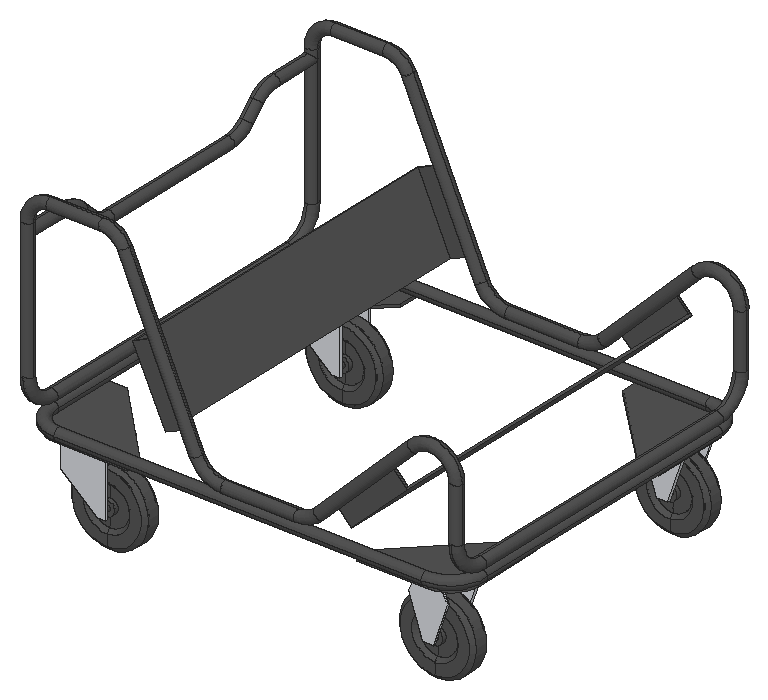
Revit family "Haworth_Very_Cart_Wire", category Furniture, Revit 2018
Family settings
  OmniClass Number = 23.40.70.14.64.21
  OmniClass Title = Systems Furniture
  Work Plane-Based = No
  Always vertical = Yes
  Cut with Voids When Loaded = No
  Shared = No
  Room Calculation Point = No
Parameters (values of type "Cart")
  Warranty = "http://www.haworth.com/resources/product-info/warranties"
  URL - Product = "http://www.haworth.com/products/seating/visitor-and-conference-chairs/very-side"
  URL = "www.haworth.com"
  Tube Radius = 3/8"  # constant formula
  Sustainability Info = "http://www.haworth.com/company-info/sustainablility"
  Size = "Verify Final Dim. w/ Haworth"  # constant formula
  Revision Number = "2"  # constant formula
  Model = "Haworth - Chair - Very"  # constant formula
  Manufacturer = "Haworth"  # constant formula
  Description = "Cart - Wire"  # constant formula
  Cart Finish = Haworth _ Polymer _ Black
  Author = "Haworth (Hampton)"  # constant formula
  Assembly Code = "E2020200"
  Actual Width = 28 1/2"  # constant formula
  Actual Height = 20 1/4"  # constant formula
  Actual Depth = 23 3/4"  # constant formula
Reference planes (in)
  plane 1 "Storage Top Center F/B": y = 0
  plane 2: z = 0
  plane 3 "Storage Top Center L/R": x = 0.75
  plane 4 "Top": z = 20.25
  plane 5 "Bottom Tube": z = 6.6793
  plane 6: y = 11.875
  plane 7: y = -11.875
  plane 8 "Left": x = -13.5
  plane 9 "Right": x = 15
  plane 10 "Inside Front": y = -11.5
  plane 11 "Inside Back": y = 11.5
  plane 12 "Inside Left": x = -13.125
  plane 13 "Inside Right": x = 14.625
  plane 14: y = -9.48504
  plane 15 "Leg Support": through (15.94706, -180, 6.96016) normal (-0.9659, 0, -0.2588)
  plane 16 "Top Tube Bottom": z = 7.4293
  plane 17 "Left Angel": through (-7.21535, -180, 18.84255) normal (0.9107, 0, 0.4131)
  plane 18 "Right Angel": through (6.05974, -180, 7.74992) normal (-0.7071, 0, 0.7071)
  plane 19 "Plate Top": z = 6.3043
  plane 20 "Plate Bottom": z = 6.125
  plane 21: y = -10.57854
  plane 22 "c1": y = -10.70354
  plane 23 "C4": y = -8.39154
  plane 24 "C5": y = -8.26654
  plane 25 "C8": y = 9.48504
  plane 26 "C9": y = 10.57854
  plane 27 "C10": y = 10.70354
  plane 28 "C7": y = 8.39154
  plane 29 "C6": y = 8.26654
  plane 30 "C2": y = -10.45354
  plane 31 "C3": y = -8.51654
  plane 32 "Caster Right": x = 12.13012
  plane 33 "Caster Left": x = -9.1
Forms (in)
  Sweep 1, solid, material "Haworth _ Polymer _ Black" <- "Cart Finish"
    path origin (0, 0, 0) x (1, 0, 0) y (0, 1, 0)
      loop
        arc (-11.125, 11.5) -> (-12.53921, 10.91421) -> (-13.125, 9.5) r 2
        line (-13.125, 9.5) -> (-13.125, -9.5)
        arc (-13.125, -9.5) -> (-12.53921, -10.91421) -> (-11.125, -11.5) r 2
        line (-11.125, -11.5) -> (12.625, -11.5)
        arc (12.625, -11.5) -> (14.03921, -10.91421) -> (14.625, -9.5) r 2
        line (14.625, -9.5) -> (14.625, 9.5)
        arc (14.625, 9.5) -> (14.03921, 10.91421) -> (12.625, 11.5) r 2
        line (12.625, 11.5) -> (-11.125, 11.5)
    profile origin (0.75, 11.5, 0) x (0, 1, 0) y (0, 0, 1)
      loop
        circle (0, 6.6793) r 0.375
  Sweep 2, solid, material "Haworth _ Polymer _ Black" <- "Cart Finish"
    path origin (0, 11.5, 0) x (-1, 0, 0) y (0, 0, -1)
      loop
        line (13.125, -9.4293) -> (13.125, -18.3778)
        arc (13.125, -18.3778) -> (12.68566, -19.43846) -> (11.625, -19.8778) r 1.5
        line (11.625, -19.8778) -> (8.23987, -19.8778)
        arc (8.23987, -19.8778) -> (7.42731, -19.63865) -> (6.87385, -18.99746) r 1.5
        line (6.87385, -18.99746) -> (2.15875, -8.60309)
        arc (2.15875, -8.60309) -> (1.4208, -7.74817) -> (0.33739, -7.4293) r 2
        line (0.33739, -7.4293) -> (-4.38036, -7.4293)
        arc (-4.38036, -7.4293) -> (-5.14572, -7.58154) -> (-5.79457, -8.01509) r 2
        line (-5.79457, -8.01509) -> (-11.85095, -14.07147)
        arc (-11.85095, -14.07147) -> (-13.62186, -14.42372) -> (-14.625, -12.92242) r 1.625
        line (-14.625, -12.92242) -> (-14.625, -9.4293)
    profile origin (-13.125, 11.5, 13.90355) x (-1, 0, 0) y (0, -1, 0)
      loop
        circle (0, 0) r 0.375
  Sweep 3, solid, material "Haworth _ Polymer _ Black" <- "Cart Finish"
    path origin (-13.125, 0, 0) x (0, 1, 0) y (0, 0, 1)
      loop
        arc (-11.5, 9.4293) -> (-10.95642, 8.01916) -> (-9.565, 7.4293) r 1.93606
        line (-9.565, 7.4293) -> (9.565, 7.4293)
        arc (9.565, 7.4293) -> (10.95642, 8.01916) -> (11.5, 9.4293) r 1.93606
    profile origin (-13.125, 0, 7.4293) x (0, 0, 1) y (1, 0, 0)
      loop
        circle (0, 0) r 0.375
  Sweep 4, solid, material "Haworth _ Polymer _ Black" <- "Cart Finish"
    path origin (14.625, 0, 0) x (0, 1, 0) y (0, 0, -1)
      loop
        arc (-11.5, -9.4293) -> (-10.95642, -8.01916) -> (-9.565, -7.4293) r 1.93606
        line (-9.565, -7.4293) -> (9.565, -7.4293)
        arc (9.565, -7.4293) -> (10.95642, -8.01916) -> (11.5, -9.4293) r 1.93606
    profile origin (14.625, 0, 7.4293) x (0, 0, -1) y (-1, 0, 0)
      loop
        circle (0, 0) r 0.375
  Sweep 5, solid, material "Haworth _ Polymer _ Black" <- "Cart Finish"
    path origin (-13.125, 0, 0) x (0, 1, 0) y (0, 0, 1)
      loop
        line (-11.5, 17.74027) -> (-8.63215, 17.74027)
        arc (-8.63215, 17.74027) -> (-7.86678, 17.58803) -> (-7.21793, 17.15449) r 2
        line (-7.21793, 17.15449) -> (-6.38951, 16.32606)
        arc (-6.38951, 16.32606) -> (-5.74066, 15.89251) -> (-4.97529, 15.74027) r 2
        line (-4.97529, 15.74027) -> (4.74025, 15.74027)
        arc (4.74025, 15.74027) -> (5.50562, 15.89251) -> (6.15447, 16.32606) r 2
        line (6.15447, 16.32606) -> (6.98289, 17.15449)
        arc (6.98289, 17.15449) -> (7.63174, 17.58803) -> (8.39711, 17.74027) r 2
        line (8.39711, 17.74027) -> (11.5, 17.74027)
    profile origin (-13.125, -10.06607, 17.74027) x (0, 0, 1) y (1, 0, 0)
      loop
        circle (0, 0) r 0.375
  Extrusion 6, solid, material "Haworth _ Polymer _ Black" <- "Cart Finish"
    sketch origin (9.72412, 0, 15.11555) x (-0.910684, 0, -0.413104) y (0, -1, 0)
      loop
        line (15.13686, -11.5) -> (15.13686, 11.5) -> (13.51186, 11.5) -> (13.51186, 11.375) -> (15.01186, 11.375) -> (15.01186, -11.375) -> (13.51186, -11.375) -> (13.51186, -11.5) -> (15.13686, -11.5)
    from 0.38846 to 5.40773
  Extrusion 7, solid, material "Haworth _ Polymer _ Black" <- "Cart Finish"
    sketch origin (-2.99443, 0, 18.45349) x (0.698248, 0, -0.715856) y (0, 1, 0)
      loop
        line (15.13686, 11.5) -> (13.51186, 11.5) -> (13.51186, 11.375) -> (15.01186, 11.375) -> (15.01186, -11.375) -> (13.52447, -11.375) -> (13.52447, -11.5) -> (15.13686, -11.5) -> (15.13686, 11.5)
    from 0.38846 to 5.40773
  Extrusion 8, solid, material "Haworth _ Polymer _ Black" <- "Cart Finish"
    sketch origin (0, 0, 6.125) x (0, -1, 0) y (1, 0, 0)
      loop
        line (5.07996, -11.875) -> (5.07996, -13.125) -> (9.73504, -13.125)
        arc (9.73504, -13.125) -> (10.98306, -12.60806) -> (11.5, -11.36004) r 1.76496
        line (11.5, -11.36004) -> (11.5, -6.63996) -> (10.55004, -6.63996) -> (5.07996, -11.875)
      loop
        line (5.07996, 13.375) -> (10.55004, 8.13996) -> (11.5, 8.13996) -> (11.5, 12.86004)
        arc (11.5, 12.86004) -> (10.98306, 14.10806) -> (9.73504, 14.625) r 1.76496
        line (9.73504, 14.625) -> (5.07996, 14.625) -> (5.07996, 13.375)
      loop
        line (-4.84492, 13.375) -> (-4.84492, 14.625) -> (-9.5, 14.625)
        arc (-9.5, 14.625) -> (-10.91421, 14.03921) -> (-11.5, 12.625) r 2
        line (-11.5, 12.625) -> (-11.5, 7.90492) -> (-10.315, 7.90492) -> (-4.84492, 13.375)
      loop
        line (-4.84492, -11.875) -> (-10.315, -6.40492) -> (-11.5, -6.40492) -> (-11.5, -11.125)
        arc (-11.5, -11.125) -> (-10.91421, -12.53921) -> (-9.5, -13.125) r 2
        line (-9.5, -13.125) -> (-4.84492, -13.125) -> (-4.84492, -11.875)
    from 0 to 0.1793
  Extrusion 9, solid
    sketch origin (0, -10.70354, 0) x (-1, 0, 0) y (0, 0, 1)
      loop
        line (11.625, 6.125) -> (8.725, 6.125) -> (8.725, 2.125) -> (9.2371, 2.125) -> (11.625, 4.14048) -> (11.625, 6.125)
      loop
        line (-11.40655, 6.125) -> (-12.85368, 6.125) -> (-13.39369, 5.01781) -> (-12.4847, 2.37791) -> (-11.77553, 2.37791) -> (-10.86654, 5.01781) -> (-11.40655, 6.125)
    from 0 to 0.125
  Extrusion 10, solid
    sketch origin (0, -8.26654, 0) x (-1, 0, 0) y (0, 0, -1)
      loop
        line (11.625, -6.125) -> (11.625, -4.14048) -> (9.2371, -2.125) -> (8.725, -2.125) -> (8.725, -6.125) -> (11.625, -6.125)
      loop
        line (-11.40655, -6.125) -> (-10.86654, -5.01781) -> (-11.77553, -2.37791) -> (-12.4847, -2.37791) -> (-13.39369, -5.01781) -> (-12.85368, -6.125) -> (-11.40655, -6.125)
    from 0 to 0.125
  Extrusion 11, solid
    sketch origin (0, 10.70354, 0) x (-1, 0, 0) y (0, 0, -1)
      loop
        line (11.625, -6.125) -> (11.625, -4.14048) -> (9.2371, -2.125) -> (8.725, -2.125) -> (8.725, -6.125) -> (11.625, -6.125)
      loop
        line (-11.40655, -6.125) -> (-10.86654, -5.01781) -> (-11.77553, -2.37791) -> (-12.4847, -2.37791) -> (-13.39369, -5.01781) -> (-12.85368, -6.125) -> (-11.40655, -6.125)
    from 0 to 0.125
  Extrusion 12, solid
    sketch origin (0, 8.26654, 0) x (-1, 0, 0) y (0, 0, 1)
      loop
        line (11.625, 6.125) -> (8.725, 6.125) -> (8.725, 2.125) -> (9.2371, 2.125) -> (11.625, 4.14048) -> (11.625, 6.125)
      loop
        line (-11.40655, 6.125) -> (-12.85368, 6.125) -> (-13.39369, 5.01781) -> (-12.4847, 2.37791) -> (-11.77553, 2.37791) -> (-10.86654, 5.01781) -> (-11.40655, 6.125)
    from 0 to 0.125
  Sweep 13, solid, material "Haworth _ Polymer _ Black" <- "Cart Finish"
    path origin (0, -11.5, 0) x (-1, 0, 0) y (0, 0, 1)
      loop
        line (13.125, 9.4293) -> (13.125, 18.3778)
        arc (13.125, 18.3778) -> (12.68566, 19.43846) -> (11.625, 19.8778) r 1.5
        line (11.625, 19.8778) -> (8.23987, 19.8778)
        arc (8.23987, 19.8778) -> (7.42731, 19.63865) -> (6.87385, 18.99746) r 1.5
        line (6.87385, 18.99746) -> (2.15875, 8.60309)
        arc (2.15875, 8.60309) -> (1.4208, 7.74817) -> (0.33739, 7.4293) r 2
        line (0.33739, 7.4293) -> (-4.38036, 7.4293)
        arc (-4.38036, 7.4293) -> (-5.14572, 7.58154) -> (-5.79457, 8.01509) r 2
        line (-5.79457, 8.01509) -> (-11.85095, 14.07147)
        arc (-11.85095, 14.07147) -> (-13.62186, 14.42372) -> (-14.625, 12.92242) r 1.625
        line (-14.625, 12.92242) -> (-14.625, 9.4293)
    profile origin (-13.125, -11.5, 13.90355) x (1, 0, 0) y (0, 1, 0)
      loop
        circle (0, 0) r 0.375
  Revolve 14, solid, material "Haworth _ Polymer _ Black" <- "Cart Finish"
    sketch origin (12.13012, 0, 0) x (0, 1, 0) y (0, 0, 1)
      loop
        line (-9.86004, 5) -> (-10.11004, 4.75) -> (-10.11004, 4) -> (-9.86004, 3.75) -> (-9.86004, 2.98296) -> (-10.11004, 2.98296) -> (-10.11004, 2.69) -> (-10.57854, 2.69) -> (-10.57854, 2.5) -> (-8.39154, 2.5) -> (-8.39154, 2.69) -> (-8.86004, 2.69) -> (-8.86004, 2.98296) -> (-9.11004, 2.98296) -> (-9.11004, 3.75) -> (-8.86004, 4) -> (-8.86004, 4.75) -> (-9.11004, 5) -> (-9.86004, 5)
      axis (-8.39154, 2.5) -> (-10.57854, 2.5)
    angle from 0 to 360
  Revolve 15, solid, material "Haworth _ Polymer _ Black" <- "Cart Finish"
    sketch origin (12.13012, 0, 0) x (0, -1, 0) y (0, 0, 1)
      loop
        line (-9.86004, 5) -> (-10.11004, 4.75) -> (-10.11004, 4) -> (-9.86004, 3.75) -> (-9.86004, 2.98296) -> (-10.11004, 2.98296) -> (-10.11004, 2.69) -> (-10.57854, 2.69) -> (-10.57854, 2.5) -> (-8.39154, 2.5) -> (-8.39154, 2.69) -> (-8.86004, 2.69) -> (-8.86004, 2.98296) -> (-9.11004, 2.98296) -> (-9.11004, 3.75) -> (-8.86004, 4) -> (-8.86004, 4.75) -> (-9.11004, 5) -> (-9.86004, 5)
      axis (-8.39154, 2.5) -> (-10.57854, 2.5)
    angle from 0 to 360
  Revolve 16, solid, material "Haworth _ Polymer _ Black" <- "Cart Finish"
    sketch origin (-9.1, 0, 0) x (0, 1, 0) y (0, 0, 1)
      loop
        line (-9.86004, 5) -> (-10.11004, 4.75) -> (-10.11004, 4) -> (-9.86004, 3.75) -> (-9.86004, 2.98296) -> (-10.11004, 2.98296) -> (-10.11004, 2.69) -> (-10.57854, 2.69) -> (-10.57854, 2.5) -> (-8.39154, 2.5) -> (-8.39154, 2.69) -> (-8.86004, 2.69) -> (-8.86004, 2.98296) -> (-9.11004, 2.98296) -> (-9.11004, 3.75) -> (-8.86004, 4) -> (-8.86004, 4.75) -> (-9.11004, 5) -> (-9.86004, 5)
      axis (-8.39154, 2.5) -> (-10.57854, 2.5)
    angle from 0 to 360
  Revolve 17, solid, material "Haworth _ Polymer _ Black" <- "Cart Finish"
    sketch origin (-9.1, 0, 0) x (0, -1, 0) y (0, 0, 1)
      loop
        line (-9.86004, 5) -> (-10.11004, 4.75) -> (-10.11004, 4) -> (-9.86004, 3.75) -> (-9.86004, 2.98296) -> (-10.11004, 2.98296) -> (-10.11004, 2.69) -> (-10.57854, 2.69) -> (-10.57854, 2.5) -> (-8.39154, 2.5) -> (-8.39154, 2.69) -> (-8.86004, 2.69) -> (-8.86004, 2.98296) -> (-9.11004, 2.98296) -> (-9.11004, 3.75) -> (-8.86004, 4) -> (-8.86004, 4.75) -> (-9.11004, 5) -> (-9.86004, 5)
      axis (-8.39154, 2.5) -> (-10.57854, 2.5)
    angle from 0 to 360
Cuts and joins
  joined: Sweep 2, Sweep 5
Lines and regions (in)
  Masking region 1
    outline origin (0, 0, 6.125) x (0, -1, 0) y (1, 0, 0)
      loop
        line (-11.875, -13.5) -> (11.875, -13.5) -> (11.875, 15) -> (-11.875, 15) -> (-11.875, -13.5)
Dimensions and locks (in)
  "Tube Radius": plane 7 to plane 10 "Inside Front"
  "Tube Radius": plane 6 to plane 11 "Inside Back"
  "Tube Radius": plane 8 "Left" to plane 12 "Inside Left"
  "Tube Radius": plane 13 "Inside Right" to plane 9 "Right"
  equal spacing: plane 8 "Left", plane 3 "Storage Top Center L/R", plane 9 "Right"
  "Actual Width": plane 8 "Left" to plane 9 "Right"
  equal spacing: plane 6, plane 1 "Storage Top Center F/B", plane 7
  "Actual Depth": plane 6 to plane 7
  plane 4 "Top" to level = 20 1/4"
  aligned and locked: Extrusion 8 to plane 20 "Plate Bottom"
  aligned and locked: plane 19 "Plate Top" to Extrusion 8
  aligned and locked: Extrusion 9 to plane 22 "c1"
  aligned and locked: plane 23 "C4" to Extrusion 10
  aligned and locked: Extrusion 10 to plane 24 "C5"
  aligned and locked: Masking region 1 sketch curve to plane 8 "Left"
  aligned and locked: Masking region 1 sketch curve to plane 7
  aligned and locked: Masking region 1 sketch curve to plane 9 "Right"
  aligned and locked: Masking region 1 sketch curve to plane 6
Automatic sketch dimensions
  Sweep 1 sketch curve to plane 12 "Inside Left" = 0"
  Sweep 1 sketch curve to plane 10 "Inside Front" = 0"
  plane 11 "Inside Back" to Sweep 1 sketch curve = 0"
  Sweep 1 sketch curve to plane 13 "Inside Right" = 0"
  plane 12 "Inside Left" to Sweep 1 sketch curve = 2"
  Sweep 1 sketch curve to plane 25 "C8" = 0.01496"
  plane 32 "Caster Right" to Sweep 1 sketch curve = 0.49488"  (x2)
  Sweep 1 sketch curve to profile plane = 0"
  level to Sweep 1 sketch curve = 6.6793"
  plane 13 "Inside Right" to Sweep 2 sketch curve = 0"
  Sweep 2 sketch curve to plane 16 "Top Tube Bottom" = 0"
  Sweep 2 sketch curve to plane 12 "Inside Left" = 0"
  plane 32 "Caster Right" to Sweep 2 sketch curve = 0.86988"
  Sweep 2 sketch curve to plane 32 "Caster Right" = 0.27917"
  plane 16 "Top Tube Bottom" to Sweep 2 sketch curve = 0.58579"
  plane 3 "Storage Top Center L/R" to Sweep 2 sketch curve = 5.04457"
  plane 16 "Top Tube Bottom" to Sweep 2 sketch curve = 2"  (x3)
  Sweep 2 sketch curve to plane 3 "Storage Top Center L/R" = 1.08739"
  plane 16 "Top Tube Bottom" to Sweep 2 sketch curve = 1.17379"
  Sweep 2 sketch curve to Sweep 2 sketch curve = 1.82137"
  Sweep 2 sketch curve to plane 33 "Caster Left" = 2.22615"
  Sweep 2 sketch curve to plane 4 "Top" = 0.3722"
  Sweep 2 sketch curve to plane 33 "Caster Left" = 0.86012"
  plane 12 "Inside Left" to Sweep 2 sketch curve = 1 1/2"
  Sweep 2 sketch curve to plane 4 "Top" = 1.25254"
  Sweep 2 sketch curve to plane 4 "Top" = 6.17853"
  Sweep 2 sketch curve to profile plane = 0"
  profile plane to Sweep 2 sketch curve = 0"
  Sweep 3 sketch curve to plane 10 "Inside Front" = 0"
  Sweep 3 sketch curve to plane 16 "Top Tube Bottom" = 0"
  Sweep 3 sketch curve to plane 11 "Inside Back" = 0"
  Sweep 3 sketch curve to plane 14 = 0.07996"
  Sweep 3 sketch curve to plane 25 "C8" = 0.07996"
  Sweep 3 sketch curve to Sweep 3 sketch curve = 1.93606"  (x2)
  Sweep 3 sketch curve to plane 12 "Inside Left" = 0"
  Sweep 3 sketch curve to profile plane = 0"
  Sweep 4 sketch curve to plane 10 "Inside Front" = 0"
  Sweep 4 sketch curve to plane 16 "Top Tube Bottom" = 0"
  Sweep 4 sketch curve to plane 11 "Inside Back" = 0"
  Sweep 4 sketch curve to plane 14 = 0.07996"
  Sweep 4 sketch curve to plane 25 "C8" = 0.07996"
  Sweep 4 sketch curve to Sweep 4 sketch curve = 1.93606"  (x2)
  Sweep 4 sketch curve to profile plane = 0"
  profile plane to Sweep 4 sketch curve = 0"
  Sweep 5 sketch curve to plane 10 "Inside Front" = 0"
  Sweep 5 sketch curve to plane 11 "Inside Back" = 0"
  Sweep 5 sketch curve to plane 31 "C3" = 0.11561"
  Sweep 5 sketch curve to plane 24 "C5" = 1.04861"
  Sweep 5 sketch curve to Sweep 5 sketch curve = 0.82843"  (x4)
  Sweep 5 sketch curve to Sweep 5 sketch curve = 1.41421"  (x2)
  Sweep 5 sketch curve to plane 29 "C6" = 3.52629"
  plane 28 "C7" to Sweep 5 sketch curve = 0.00557"
  Sweep 5 sketch curve to plane 4 "Top" = 4.50973"
  Sweep 5 sketch curve to Sweep 5 sketch curve = 0"  (x2)
  Sweep 5 sketch curve to Sweep 5 sketch curve = 0.58579"  (x2)
  Sweep 5 sketch curve to plane 12 "Inside Left" = 0"
  Sweep 5 sketch curve to profile plane = 0"
  plane 11 "Inside Back" to Extrusion 6 sketch curve = 0"
  Extrusion 6 sketch curve to plane 10 "Inside Front" = 0"
  plane 10 "Inside Front" to Extrusion 6 sketch curve = 1/8"
  plane 17 "Left Angel" to Extrusion 6 sketch curve = 3/8"  (x2)
  plane 11 "Inside Back" to Extrusion 6 sketch curve = 1/8"
  Extrusion 6 sketch curve to plane 17 "Left Angel" = 1 1/8"
  Extrusion 6 sketch curve to Extrusion 6 sketch curve = 1/8"
  plane 11 "Inside Back" to Extrusion 7 sketch curve = 0"
  Extrusion 7 sketch curve to plane 10 "Inside Front" = 0"
  Extrusion 7 sketch curve to Extrusion 7 sketch curve = 0.01261"
  plane 11 "Inside Back" to Extrusion 7 sketch curve = 1/8"
  Extrusion 7 sketch curve to Extrusion 7 sketch curve = 1 1/2"
  Extrusion 7 sketch curve to Extrusion 7 sketch curve = 1/8"
  plane 10 "Inside Front" to Extrusion 7 sketch curve = 1/8"
  plane 11 "Inside Back" to Extrusion 8 sketch curve = 0"  (x2)
  Extrusion 8 sketch curve to plane 12 "Inside Left" = 0"  (x2)
  Extrusion 8 sketch curve to plane 13 "Inside Right" = 0"  (x2)
  Extrusion 8 sketch curve to plane 10 "Inside Front" = 0"  (x2)
  plane 26 "C9" to Extrusion 8 sketch curve = 0.26354"  (x2)
  Extrusion 8 sketch curve to plane 25 "C8" = 0.01496"  (x2)
  Extrusion 8 sketch curve to plane 29 "C6" = 3.42162"  (x2)
  plane 12 "Inside Left" to Extrusion 8 sketch curve = 1 1/4"  (x2)
  Extrusion 8 sketch curve to plane 24 "C5" = 3.18658"  (x2)
  Extrusion 8 sketch curve to plane 14 = 1/4"  (x2)
  plane 21 to Extrusion 8 sketch curve = 0.0285"  (x2)
  Extrusion 8 sketch curve to plane 33 "Caster Left" = 2.46004"
  Extrusion 8 sketch curve to plane 33 "Caster Left" = 2.69508"
  Extrusion 8 sketch curve to plane 32 "Caster Right" = 4.2252"
  Extrusion 8 sketch curve to plane 32 "Caster Right" = 3.99016"
  plane 32 "Caster Right" to Extrusion 8 sketch curve = 1.24488"  (x2)
  Extrusion 9 sketch curve to plane 20 "Plate Bottom" = 0"  (x2)
  plane 13 "Inside Right" to Extrusion 9 sketch curve = 1.23131"
  plane 32 "Caster Right" to Extrusion 9 sketch curve = 0.72356"
  plane 32 "Caster Right" to Extrusion 9 sketch curve = 0.35458"
  Extrusion 9 sketch curve to plane 32 "Caster Right" = 0.35458"
  Extrusion 9 sketch curve to plane 32 "Caster Right" = 0.72356"
  Extrusion 9 sketch curve to Extrusion 9 sketch curve = 0.54001"
  Extrusion 9 sketch curve to plane 33 "Caster Left" = 3/8"
  plane 33 "Caster Left" to Extrusion 9 sketch curve = 0.1371"
  plane 12 "Inside Left" to Extrusion 9 sketch curve = 1 1/2"
  Extrusion 9 sketch curve to plane 20 "Plate Bottom" = 1.10719"  (x2)
  Extrusion 9 sketch curve to plane 20 "Plate Bottom" = 1.98452"
  level to Extrusion 9 sketch curve = 2.37791"
  level to Extrusion 9 sketch curve = 2 1/8"
  Extrusion 10 sketch curve to plane 20 "Plate Bottom" = 0"  (x2)
  plane 13 "Inside Right" to Extrusion 10 sketch curve = 1.23131"
  plane 32 "Caster Right" to Extrusion 10 sketch curve = 0.72356"
  plane 32 "Caster Right" to Extrusion 10 sketch curve = 0.35458"
  Extrusion 10 sketch curve to plane 32 "Caster Right" = 0.35458"
  Extrusion 10 sketch curve to plane 32 "Caster Right" = 0.72356"
  Extrusion 10 sketch curve to Extrusion 10 sketch curve = 0.54001"
  Extrusion 10 sketch curve to plane 33 "Caster Left" = 3/8"
  plane 33 "Caster Left" to Extrusion 10 sketch curve = 0.1371"
  plane 12 "Inside Left" to Extrusion 10 sketch curve = 1 1/2"
  Extrusion 10 sketch curve to plane 20 "Plate Bottom" = 1.10719"  (x2)
  Extrusion 10 sketch curve to plane 20 "Plate Bottom" = 1.98452"
  level to Extrusion 10 sketch curve = 2.37791"
  level to Extrusion 10 sketch curve = 2 1/8"
  Extrusion 11 sketch curve to plane 20 "Plate Bottom" = 0"  (x2)
  plane 13 "Inside Right" to Extrusion 11 sketch curve = 1.23131"
  plane 32 "Caster Right" to Extrusion 11 sketch curve = 0.72356"
  plane 32 "Caster Right" to Extrusion 11 sketch curve = 0.35458"
  Extrusion 11 sketch curve to plane 32 "Caster Right" = 0.35458"
  Extrusion 11 sketch curve to plane 32 "Caster Right" = 0.72356"
  Extrusion 11 sketch curve to Extrusion 11 sketch curve = 0.54001"
  Extrusion 11 sketch curve to plane 33 "Caster Left" = 3/8"
  plane 33 "Caster Left" to Extrusion 11 sketch curve = 0.1371"
  plane 12 "Inside Left" to Extrusion 11 sketch curve = 1 1/2"
  Extrusion 11 sketch curve to plane 20 "Plate Bottom" = 1.10719"  (x2)
  Extrusion 11 sketch curve to plane 20 "Plate Bottom" = 1.98452"
  level to Extrusion 11 sketch curve = 2.37791"
  level to Extrusion 11 sketch curve = 2 1/8"
  Extrusion 12 sketch curve to plane 20 "Plate Bottom" = 0"  (x2)
  plane 13 "Inside Right" to Extrusion 12 sketch curve = 1.23131"
  plane 32 "Caster Right" to Extrusion 12 sketch curve = 0.72356"
  plane 32 "Caster Right" to Extrusion 12 sketch curve = 0.35458"
  Extrusion 12 sketch curve to plane 32 "Caster Right" = 0.35458"
  Extrusion 12 sketch curve to plane 32 "Caster Right" = 0.72356"
  Extrusion 12 sketch curve to Extrusion 12 sketch curve = 0.54001"
  Extrusion 12 sketch curve to plane 33 "Caster Left" = 3/8"
  plane 33 "Caster Left" to Extrusion 12 sketch curve = 0.1371"
  plane 12 "Inside Left" to Extrusion 12 sketch curve = 1 1/2"
  Extrusion 12 sketch curve to plane 20 "Plate Bottom" = 1.10719"  (x2)
  Extrusion 12 sketch curve to plane 20 "Plate Bottom" = 1.98452"
  level to Extrusion 12 sketch curve = 2.37791"
  level to Extrusion 12 sketch curve = 2 1/8"
  plane 13 "Inside Right" to Sweep 13 sketch curve = 0"
  Sweep 13 sketch curve to plane 16 "Top Tube Bottom" = 0"
  Sweep 13 sketch curve to plane 12 "Inside Left" = 0"
  plane 32 "Caster Right" to Sweep 13 sketch curve = 0.86988"
  Sweep 13 sketch curve to plane 32 "Caster Right" = 0.27917"
  plane 16 "Top Tube Bottom" to Sweep 13 sketch curve = 0.58579"
  plane 3 "Storage Top Center L/R" to Sweep 13 sketch curve = 5.04457"
  plane 16 "Top Tube Bottom" to Sweep 13 sketch curve = 2"  (x3)
  Sweep 13 sketch curve to plane 3 "Storage Top Center L/R" = 1.08739"
  plane 16 "Top Tube Bottom" to Sweep 13 sketch curve = 1.17379"
  Sweep 13 sketch curve to Sweep 13 sketch curve = 1.82137"
  Sweep 13 sketch curve to plane 33 "Caster Left" = 2.22615"
  Sweep 13 sketch curve to plane 4 "Top" = 0.3722"
  Sweep 13 sketch curve to plane 33 "Caster Left" = 0.86012"
  plane 12 "Inside Left" to Sweep 13 sketch curve = 1 1/2"
  Sweep 13 sketch curve to Sweep 13 sketch curve = 3.49312"
  Sweep 13 sketch curve to Sweep 13 sketch curve = 1 1/2"
  Sweep 13 sketch curve to profile plane = 0"  (x2)
  Revolve 14 sketch curve to plane 21 = 0"
  Revolve 14 sketch curve to plane 23 "C4" = 0"
  Revolve 14 sketch curve to plane 30 "C2" = 0.3435"  (x2)
  Revolve 14 sketch curve to Revolve 14 sketch curve = 1/4"  (x7)
  plane 14 to Revolve 14 sketch curve = 3/8"  (x3)
  Revolve 14 sketch curve to plane 31 "C3" = 0.3435"
  level to Revolve 14 sketch curve = 2 1/2"
  Revolve 14 sketch curve to Revolve 14 sketch curve = 0"  (x2)
  Revolve 14 sketch curve to Revolve 14 sketch curve = 0.19"  (x2)
  Revolve 14 sketch curve to Revolve 14 sketch curve = 75/256"  (x2)
  Revolve 14 sketch curve to Revolve 14 sketch curve = 0.76704"
  Revolve 14 sketch curve to Revolve 14 sketch curve = 3/4"  (x2)
  Revolve 15 sketch curve to plane 26 "C9" = 0"
  Revolve 15 sketch curve to plane 28 "C7" = 0"
  Revolve 15 sketch curve to plane 26 "C9" = 0.4685"  (x2)
  Revolve 15 sketch curve to Revolve 15 sketch curve = 1/4"  (x8)
  Revolve 15 sketch curve to plane 25 "C8" = 3/8"  (x3)
  Revolve 15 sketch curve to level = 2 1/2"
  Revolve 15 sketch curve to Revolve 15 sketch curve = 0"  (x2)
  Revolve 15 sketch curve to Revolve 15 sketch curve = 0.19"  (x2)
  Revolve 15 sketch curve to Revolve 15 sketch curve = 75/256"  (x2)
  Revolve 15 sketch curve to Revolve 15 sketch curve = 0.76704"
  Revolve 15 sketch curve to Revolve 15 sketch curve = 3/4"  (x2)
  Revolve 16 sketch curve to plane 21 = 0"
  Revolve 16 sketch curve to plane 23 "C4" = 0"
  Revolve 16 sketch curve to plane 30 "C2" = 0.3435"  (x2)
  Revolve 16 sketch curve to Revolve 16 sketch curve = 1/4"  (x7)
  plane 14 to Revolve 16 sketch curve = 3/8"  (x3)
  Revolve 16 sketch curve to plane 31 "C3" = 0.3435"
  level to Revolve 16 sketch curve = 2 1/2"
  Revolve 16 sketch curve to Revolve 16 sketch curve = 0"  (x2)
  Revolve 16 sketch curve to Revolve 16 sketch curve = 0.19"  (x2)
  Revolve 16 sketch curve to Revolve 16 sketch curve = 75/256"  (x2)
  Revolve 16 sketch curve to Revolve 16 sketch curve = 0.76704"
  Revolve 16 sketch curve to Revolve 16 sketch curve = 3/4"  (x2)
  Revolve 17 sketch curve to plane 26 "C9" = 0"
  Revolve 17 sketch curve to plane 28 "C7" = 0"
  Revolve 17 sketch curve to plane 26 "C9" = 0.4685"  (x2)
  Revolve 17 sketch curve to Revolve 17 sketch curve = 1/4"  (x8)
  Revolve 17 sketch curve to plane 25 "C8" = 3/8"  (x3)
  Revolve 17 sketch curve to level = 2 1/2"
  Revolve 17 sketch curve to Revolve 17 sketch curve = 0"  (x2)
  Revolve 17 sketch curve to Revolve 17 sketch curve = 0.19"  (x2)
  Revolve 17 sketch curve to Revolve 17 sketch curve = 75/256"  (x2)
  Revolve 17 sketch curve to Revolve 17 sketch curve = 0.76704"
  Revolve 17 sketch curve to Revolve 17 sketch curve = 3/4"  (x2)
  radius of Sweep 1 sketch curve = 3/8"
  radius of Sweep 2 sketch curve = 3/8"
  radius of Sweep 3 sketch curve = 3/8"
  radius of Sweep 4 sketch curve = 3/8"
  radius of Sweep 5 sketch curve = 3/8"
  radius of Sweep 13 sketch curve = 3/8"
